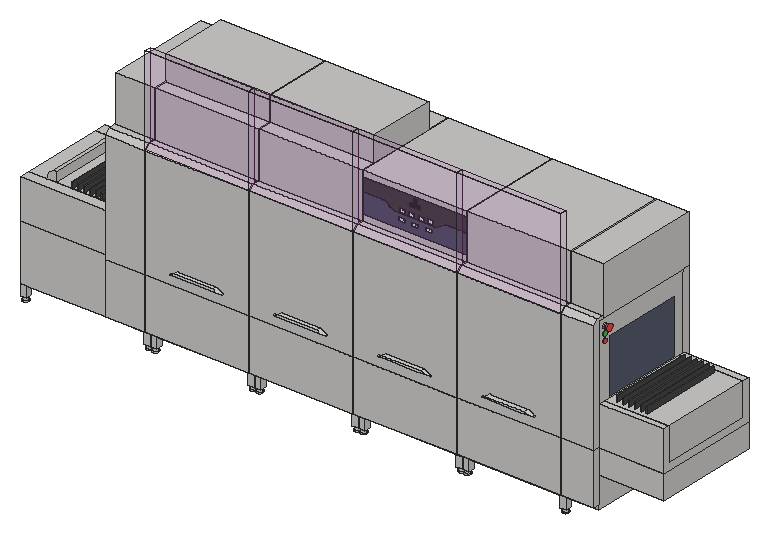
Revit family "QF_ELECTROLUXPROFESSIONAL_520048_EFTD064EL2U1D1M5ER386", category Attrezzature speciali, Revit 2020
Family settings
  Quota connettore circolare = Usa diametro
  Tipo di parte = Normale
  Basato su piano di lavoro = No
  Sempre verticale = Sì
  Taglio con vuoti quando caricato = No
  Condiviso = No
  Punto di calcolo locali = No
Parameters (values of type "Standard")
  Weight = 1158.00 kg
  Watts = 44700 W
  Volts = 380 V
  URL Manufacturer = "https://www.electroluxprofessional.com/"
  URL = "https://www.electroluxprofessional.com/"
  Steam Supply Size = 0 mm
  Steam Supply Minimum Pressure = 0.0 Pa
  Steam Supply Maximum Pressure = 0.0 Pa
  Steam Consumption per Hour = 0
  Show Logo [instance] = yes
  Show Clearance [instance] = yes
  Refrigeration Suction Line Size = 0 mm
  Refrigeration Liquid Line Size = 0 mm
  Refrigerant Compressor Remote = yes
  Prospetto di default = 0 mm
  Produttore = "Electrolux Professional"
  Phase = 3
  Modello = "EFTD064EL2U1D1M5ER386"
  Length Actual = 5150 mm  # constant formula
  Item Number = "520048"
  Hot Water Size = 0 mm
  Height Actual = 1983 mm  # constant formula
  HP = "59.9 HP"
  Gas Size = 0 mm
  Gas KW = 0
  Gas Input Pressure = 0 W
  Direct Waste Size = 50.8 mm
  Descrizione = "FT, 2TANKS, 6400D/H, EL., 950MM LOADING, 1000MM UNLOADING, 1DRYER, 55MM CONVEYOR,ESD,R>L,380V60HZ3P"
  Depth Actual = 946 mm  # constant formula
  Cycle = 60 Hz
  Condensate Return Size = 0 mm
  Compressed Air Volume = 0.0 L/s
  Compressed Air Size = 0 mm
  Compressed Air Pressure = 0.0 Pa
  Cold Water Size = 0 mm
  Accessory = yes
Reference planes
  plane 1 "Centro (Fronte/Retro)": y = 0
  plane 2: z = 0
  plane 3 "Centro (Sinistra/Destra)": x = 0
  plane 4: z = 115
Forms (mm)
  Extrusion 1, solid, material "QF_Finishes_Stainless Steel"
    sketch origin (2282.404, 2, 1806.023) x (1, 0, 0) y (0, 0, 1)
      loop
        line (407.596, -163.023) -> (407.596, -183.023) -> (427.596, -183.023) -> (427.596, -163.023) -> (407.596, -163.023)
    from 0 to 2
  Extrusion 2, solid, material "QF_Finishes_Stainless Steel"
    sketch origin (-5.617, 22.464, 1290.159) x (0, 0, -1) y (0, 1, 0)
      loop
        circle (1102.159, -772.464) r 25
    from -9.383 to 5.617
  Extrusion 3, solid, material "QF_Finishes_Stainless Steel"
    sketch origin (2942.404, 2, 337.984) x (1, 0, 0) y (0, 0, 1)
      loop
        line (407.596, -163.023) -> (407.596, -183.023) -> (427.596, -183.023) -> (427.596, -163.023) -> (407.596, -163.023)
    from 0 to 2
  Extrusion 4, solid, material "QF_Finishes_Stainless Steel"
    sketch origin (347.841, 200.464, 109.383) x (1, 0, 0) y (0, 1, 0)
      loop
        circle (1102.159, -772.464) r 10
    from -9.383 to 5.617
Dimensions and locks
  plane 4 to level = 115 mm
  aligned and locked: level to plane 2
Nested families
  nested 1: "MODULO_CENTER_800_FAN" at (1383.563, -388.258, 0), Show Clearance <- "Show Clearance", type "MODULO_CENTER_800_FAN"
    with Show Logo yes, Show Clearance yes, R_L no, L_R yes
  nested 2: "MODULO_CENTER_800_FAN" at (2183.563, -388.258, 0), Show Clearance <- "Show Clearance", type "MODULO_CENTER_800_FAN"
    with Show Logo yes, Show Clearance yes, R_L no, L_R yes
  nested 3: "MODULO_CENTER_800" at (2983.563, -388.258, 0), Show Clearance <- "Show Clearance", type "MODULO_CENTER_800"
    with Show Logo yes, Show Clearance yes, R_L no, L_R yes
  nested 4: "MODULO_ENTRY_DISH_750" at (4591.437, -523.742, 0) x (-1, 0, 0) z (0, 0, 1), type "MODULO_ENTRY_DISH_750"
    with Show Logo yes, Show Clearance yes, R_L yes, L_R no
  nested 5: "MODULO_USCITA_DISH_1000" at (641.437, -523.742, 0) x (-1, 0, 0) z (0, 0, 1), type "MODULO_USCITA_DISH_1000"
    with Show Logo yes, Show Clearance yes, R_L no, L_R yes
  nested 6: "Piedino_Square_115H" at (23.5, -838.5, 0), type "Piedino_Square_115H"
  nested 7: "Piedino_Square_115H" at (23.5, -73.5, 0), type "Piedino_Square_115H"
  nested 8: "Piedino_Square_115H" at (976.5, -838.5, 0), type "Piedino_Square_115H"
  nested 9: "Piedino_Square_115H" at (976.5, -73.5, 0), type "Piedino_Square_115H"
  nested 10: "Piedino_Square_115H" at (1023.5, -838.5, 0), type "Piedino_Square_115H"
  nested 11: "Piedino_Square_115H" at (1023.5, -73.5, 0), type "Piedino_Square_115H"
  nested 12: "Piedino_Square_115H" at (1776.5, -838.5, 0), type "Piedino_Square_115H"
  nested 13: "Piedino_Square_115H" at (1776.5, -73.5, 0), type "Piedino_Square_115H"
  nested 14: "Piedino_Square_115H" at (1823.5, -838.5, 0) x (-1, 0, 0) z (0, 0, 1), type "Piedino_Square_115H"
  nested 15: "Piedino_Square_115H" at (1823.5, -73.5, 0) x (-1, 0, 0) z (0, 0, 1), type "Piedino_Square_115H"
  nested 16: "Piedino_Square_115H" at (2576.5, -838.5, 0) x (-1, 0, 0) z (0, 0, 1), type "Piedino_Square_115H"
  nested 17: "Piedino_Square_115H" at (2576.5, -73.5, 0) x (-1, 0, 0) z (0, 0, 1), type "Piedino_Square_115H"
  nested 18: "Piedino_Square_115H" at (2623.5, -838.5, 0), type "Piedino_Square_115H"
  nested 19: "Piedino_Square_115H" at (2623.5, -73.5, 0), type "Piedino_Square_115H"
  nested 20: "Piedino_Square_115H" at (3376.5, -838.5, 0), type "Piedino_Square_115H"
  nested 21: "Piedino_Square_115H" at (3376.5, -73.5, 0), type "Piedino_Square_115H"
  nested 22: "MANIGLIA_FLIGHT_400" at (3000, -912, 639.28) x (1, 0, 0) z (0, -1, 0), type "MANIGLIA_FLIGHT_400"
  nested 23: "MANIGLIA_FLIGHT_400" at (2200, -912, 639.28) x (1, 0, 0) z (0, -1, 0), type "MANIGLIA_FLIGHT_400"
  nested 24: "MANIGLIA_FLIGHT_400" at (1400, -912, 639.28) x (1, 0, 0) z (0, -1, 0), type "MANIGLIA_FLIGHT_400"
  nested 25: "MODULO_CENTER_800" at (3816.437, -388.258, 0) x (-1, 0, 0) z (0, 0, 1), Show Clearance <- "Show Clearance", type "MODULO_CENTER_800"
    with Show Logo yes, Show Clearance yes, R_L no, L_R yes
  nested 26: "Piedino_Square_115H" at (4176.5, -838.5, 0) x (-1, 0, 0) z (0, 0, 1), type "Piedino_Square_115H"
  nested 27: "Piedino_Square_115H" at (4176.5, -73.5, 0) x (-1, 0, 0) z (0, 0, 1), type "Piedino_Square_115H"
  nested 28: "Piedino_Square_115H" at (3423.5, -838.5, 0) x (-1, 0, 0) z (0, 0, 1), type "Piedino_Square_115H"
  nested 29: "Piedino_Square_115H" at (3423.5, -73.5, 0) x (-1, 0, 0) z (0, 0, 1), type "Piedino_Square_115H"
  nested 30: "MANIGLIA_FLIGHT_400" at (3800, -912, 639.28) x (-1, 0, 0) z (0, -1, 0), type "MANIGLIA_FLIGHT_400"
  nested 31: "Schermo_Flight_800" at (3000, -815, 1593.453) x (1, 0, 0) z (0, -1, 0), type "Schermo_Flight_800"
  nested 32: "ELX_LOGO_WORDS_WHITE" at (3000, -816.6, 1683.453) x (1, 0, 0) z (0, -1, 0), Show Logo <- "Show Logo", visible <- "Show Logo", type "ELX_LOGO_WORDS_WHITE"
    with Show Logo yes
  nested 33: "ELX_LOGO_MONO_SMALL_WHITE" at (2990.08, -816.6, 1669.453) x (-1, 0, 0) z (0, -1, 0), Show Logo <- "Show Logo", visible <- "Show Logo", type "ELX_LOGO_MONO_SMALL_WHITE"
    with Show Logo yes
Connectors
  electrical at (2700, 2, 1633)
    settings: on Extrusion 1, index 69, voltage 0 V, apparent load 0 VA, apparent load phase1 0 VA, apparent load phase2 0 VA, apparent load phase3 0 VA, power factor 1, load classification "Altro", number of poles 1, system type 30, power factor state 1, is connector primary yes, connector utility no, sub classification motor no, connector description "EI"
  piping at (-15, -750, 188), diameter 50
    settings: on Extrusion 2, index 70, connector inside diameter 609.6 mm, connector length 0 mm, flow factor 0, pipe flow 0.0 L/s, pressure drop 0.0 Pa, fitting loss kfactor 0, connector angle 0.00°, fixture units 0, engagement length 0 mm, angle of deflection 0.00°, flow configuration 0, flow direction 0, fitting loss method 0, system type 29, joint type 0, gender type 0, connector reference index -1, connector utility 0, adjustable connector no, is connector primary yes, connector description "D"
  electrical at (3360, 2, 164.961)
    settings: on Extrusion 3, index 71, voltage 0 V, apparent load 0 VA, apparent load phase1 0 VA, apparent load phase2 0 VA, apparent load phase3 0 VA, power factor 1, load classification "Altro", number of poles 1, system type 30, power factor state 1, is connector primary no, connector utility no, sub classification motor no, connector description "EQ"
  piping at (1450, -572, 100), diameter 19.1
    settings: on Extrusion 4, index 72, connector inside diameter 609.6 mm, connector length 0 mm, flow factor 0, pipe flow 0.0 L/s, pressure drop 0.0 Pa, fitting loss kfactor 0, connector angle 0.00°, fixture units 0, engagement length 0 mm, angle of deflection 0.00°, flow configuration 0, flow direction 0, fitting loss method 0, system type 29, joint type 0, gender type 0, connector reference index -1, connector utility 0, adjustable connector no, is connector primary no, connector description "HWI/CWI"
Definition of nested family "MODULO_CENTER_800_FAN"
  Parameters (values of type "MODULO_CENTER_800_FAN")
    URL = "http://professional.electrolux.com"
    Show Logo [instance] = yes
    R_L [instance] = not(L_R)  # no
    Default Elevation = 0 mm
    Manufacturer = "Electrolux"
    Model = "ESR10E5"
    Length Actual = 800 mm
    Show Clearance [instance] = yes
    L_R [instance] = yes
    Height Actual = 1792 mm
    Description = "SINGLE RINSE RT, 100R/H, ELECTRIC 50HZ"
    Depth Actual = 912 mm
  Reference planes
    plane 1 "Center X": y = -67.742
    plane 2: z = 0
    plane 3 "LEFT": x = -383.563
    plane 4 "RIGHT": x = 416.437
    plane 5 "BACK": y = 388.258
    plane 6 "FEET": z = 115
    plane 7: z = 2092
    plane 8 "TOP": z = 1792
    plane 9 "FRONT": y = -523.742
    plane 10 "Left/Right": x = 16.437
    plane 11 "TopVent": z = 1983
  Forms (mm)
    Extrusion 1, solid
      sketch origin (416.437, 479.936, 4000) x (0, 1, 0) y (0, 0, 1)
        loop
          line (-91.678, -2208) -> (-906.678, -2208) -> (-906.678, -2580) -> (-91.678, -2580) -> (-91.678, -2208)
      from -800 to 0
    Extrusion 2, solid
      sketch origin (-383.563, 437.565, 3910) x (0, 1, 0) y (0, 0, 1)
        loop
          line (-99.307, -2490) -> (-911.307, -2490) -> (-911.307, -3552) -> (-99.307, -3552) -> (-99.307, -2490)
      from 800 to 0
    Extrusion 3, solid
      sketch origin (416.437, 479.936, 4299) x (0, 1, 0) y (0, 0, 1)
        loop
          line (-278.21, -2316) -> (-803.678, -2316) -> (-803.678, -2507) -> (-278.21, -2507) -> (-278.21, -2316)
      from -800 to 0
    Extrusion 4, solid
      sketch origin (16.437, 0, 1.5) x (0, 0, 1) y (0, -1, 0)
        loop
          line (356.5, -338.258) -> (356.5, 473.742) -> (113.5, 473.742) -> (113.5, -338.258) -> (356.5, -338.258)
      from 400 to -400
    Extrusion 5, solid
      sketch origin (16.437, 0, 0) x (0, 0, 1) y (0, -1, 0)
        loop
          line (1420, -338.258) -> (545, -338.258) -> (545, -388.258) -> (1420, -388.258) -> (1420, -338.258)
      from -400 to 400
    Extrusion 6, solid
      sketch origin (16.437, 0, 0) x (0, 0, 1) y (0, -1, 0)
        loop
          line (545, -388.258) -> (545, -338.258) -> (154, -338.258) -> (154, -388.258) -> (545, -388.258)
      from -400 to 400
    Extrusion 7, solid
      sketch origin (16.437, -882.484, -150) x (0, -1, 0) y (0, 0, 1)
        loop
          line (-358.742, 304) -> (-358.742, 695) -> (-408.742, 695) -> (-408.742, 304) -> (-358.742, 304)
      from -400 to 400
    Extrusion 8, solid
      sketch origin (16.437, -882.484, -151) x (0, -1, 0) y (0, 0, 1)
        loop
          line (-408.742, 1571) -> (-408.742, 696) -> (-358.742, 696) -> (-358.742, 1556) -> (-395.742, 1593) -> (-443.742, 1593) -> (-443.742, 1571) -> (-408.742, 1571)
      from -400 to 400
    Extrusion 9, solid, visible <- "Show Clearance"
      sketch origin (16.437, -882.484, 452) x (0, -1, 0) y (0, 0, 1)
        loop
          line (-408.742, 1640) -> (-408.742, 953.624) -> (-358.742, 953.624) -> (-358.742, 1640) -> (-408.742, 1640)
      from -400 to 400
  Dimensions and locks
    plane 3 "LEFT" to plane 4 "RIGHT" = 800 mm
    plane 5 "BACK" to plane 1 "Center X" to plane 9 "FRONT" = 456 mm, 456 mm
    plane 6 "FEET" to level = 115 mm  (x2)
    plane 6 "FEET" to plane 8 "TOP" = 1677 mm
    plane 5 "BACK" to plane 9 "FRONT" = 912 mm  (x2)
    plane 4 "RIGHT" to plane 3 "LEFT" = 800 mm
    plane 9 "FRONT" to plane 5 "BACK" = 912 mm
    level to plane 8 "TOP" = 1792 mm  (x2)
    plane 7 to level = 2092 mm
    plane 11 "TopVent" to plane 2 = 1983 mm
    plane 7 to plane 2 = 2092 mm
    Extrusion 2 to level = 1420 mm
    Extrusion 8 to level = 1442 mm
    plane 11 "TopVent" to level = 1983 mm
    aligned and locked: level to plane 2
Definition of nested family "MODULO_CENTER_800"
  Parameters (values of type "MODULO_CENTER_800")
    URL = "http://professional.electrolux.com"
    Show Logo [instance] = yes
    R_L [instance] = not(L_R)  # no
    Default Elevation = 0 mm
    Manufacturer = "Electrolux"
    Model = "ESR10E5"
    Length Actual = 800 mm
    Show Clearance [instance] = yes
    L_R [instance] = yes
    Height Actual = 1792 mm
    Description = "SINGLE RINSE RT, 100R/H, ELECTRIC 50HZ"
    Depth Actual = 912 mm
  Reference planes
    plane 1 "Center X": y = -67.742
    plane 2: z = 0
    plane 3 "LEFT": x = -383.563
    plane 4 "RIGHT": x = 416.437
    plane 5 "BACK": y = 388.258
    plane 6 "FEET": z = 115
    plane 7: z = 2092
    plane 8 "TOP": z = 1792
    plane 9 "FRONT": y = -523.742
    plane 10 "Left/Right": x = 16.437
  Forms (mm)
    Extrusion 1, solid
      sketch origin (416.437, 479.936, 4000) x (0, 1, 0) y (0, 0, 1)
        loop
          line (-91.678, -2208) -> (-906.678, -2208) -> (-906.678, -2580) -> (-91.678, -2580) -> (-91.678, -2208)
      from -800 to 0
    Extrusion 2, solid
      sketch origin (-383.563, 437.565, 3915) x (0, 1, 0) y (0, 0, 1)
        loop
          line (-99.307, -2495) -> (-911.307, -2495) -> (-911.307, -3557) -> (-99.307, -3557) -> (-99.307, -2495)
      from 800 to 0
    Extrusion 3, solid
      sketch origin (16.437, 0, 1.5) x (0, 0, 1) y (0, -1, 0)
        loop
          line (356.5, -338.258) -> (356.5, 473.742) -> (113.5, 473.742) -> (113.5, -338.258) -> (356.5, -338.258)
      from 400 to -400
    Extrusion 4, solid
      sketch origin (16.437, 0, 0) x (0, 0, 1) y (0, -1, 0)
        loop
          line (1420, -338.258) -> (545, -338.258) -> (545, -388.258) -> (1420, -388.258) -> (1420, -338.258)
      from -400 to 400
    Extrusion 5, solid
      sketch origin (16.437, 0, 0) x (0, 0, 1) y (0, -1, 0)
        loop
          line (545, -388.258) -> (545, -338.258) -> (154, -338.258) -> (154, -388.258) -> (545, -388.258)
      from -400 to 400
    Extrusion 6, solid
      sketch origin (16.437, -882.484, -150) x (0, -1, 0) y (0, 0, 1)
        loop
          line (-358.742, 304) -> (-358.742, 695) -> (-408.742, 695) -> (-408.742, 304) -> (-358.742, 304)
      from -400 to 400
    Extrusion 7, solid
      sketch origin (16.437, -882.484, -151) x (0, -1, 0) y (0, 0, 1)
        loop
          line (-408.742, 1571) -> (-408.742, 696) -> (-358.742, 696) -> (-358.742, 1556) -> (-395.742, 1593) -> (-443.742, 1593) -> (-443.742, 1571) -> (-408.742, 1571)
      from -400 to 400
    Extrusion 8, solid, visible <- "Show Clearance"
      sketch origin (16.437, -882.484, 452) x (0, -1, 0) y (0, 0, 1)
        loop
          line (-408.742, 1640) -> (-408.742, 953.624) -> (-358.742, 953.624) -> (-358.742, 1640) -> (-408.742, 1640)
      from -400 to 400
  Dimensions and locks
    plane 3 "LEFT" to plane 4 "RIGHT" = 800 mm
    plane 5 "BACK" to plane 1 "Center X" to plane 9 "FRONT" = 456 mm, 456 mm
    plane 6 "FEET" to level = 115 mm  (x2)
    plane 6 "FEET" to plane 8 "TOP" = 1677 mm
    plane 5 "BACK" to plane 9 "FRONT" = 912 mm  (x2)
    plane 4 "RIGHT" to plane 3 "LEFT" = 800 mm
    plane 9 "FRONT" to plane 5 "BACK" = 912 mm
    level to plane 8 "TOP" = 1792 mm  (x2)
    plane 7 to level = 2092 mm
    plane 7 to plane 2 = 2092 mm
    Extrusion 2 to level = 1420 mm
    Extrusion 7 to level = 1442 mm
    aligned and locked: level to plane 2
Definition of nested family "MODULO_ENTRY_DISH_750"
  Parameters (values of type "MODULO_ENTRY_DISH_750")
    URL = "http://professional.electrolux.com"
    Show Logo [instance] = yes
    R_L [instance] = not(L_R)  # no
    Default Elevation = 0 mm
    Manufacturer = "Electrolux"
    Model = "ESR10E5"
    Length Actual = 800 mm
    Show Clearance [instance] = yes
    L_R [instance] = yes
    Height Actual = 1792 mm
    Description = "SINGLE RINSE RT, 100R/H, ELECTRIC 50HZ"
    Depth Actual = 912 mm
  Reference planes
    plane 1 "Center (Front/Back)": y = -67.742
    plane 2: z = 0
    plane 3 "LEFT": x = -358.563
    plane 4 "RIGHT": x = 391.437
    plane 5 "BACK": y = 388.258
    plane 6 "FRONT": y = -523.742
    plane 7 "Left/Right": x = 16.437
    plane 8 "BUTTONS": y = -427.742
    plane 9: z = 115
    plane 10 "2": y = 292.258
  Forms (mm)
    Extrusion 1, solid, visible <- "L_R"
      sketch origin (391.437, 479.936, 4000) x (0, 1, 0) y (0, 0, 1)
        loop
          line (-91.678, -2208) -> (-906.678, -2208) -> (-906.678, -2580) -> (-91.678, -2580) -> (-91.678, -2208)
      from -250 to 0
    Extrusion 2, solid
      sketch origin (-358.563, 437.565, 3910) x (0, 1, 0) y (0, 0, 1)
        loop
          line (-99.307, -2490) -> (-911.307, -2490) -> (-911.307, -3552) -> (-99.307, -3552) -> (-99.307, -2490)
      from 750 to 500
    Extrusion 3, solid
      sketch origin (-358.563, 437.565, 3910) x (0, 1, 0) y (0, 0, 1)
        loop
          line (-99.307, -3365) -> (-99.307, -3060) -> (-149.307, -3060) -> (-149.307, -3315) -> (-861.307, -3315) -> (-861.307, -3060) -> (-911.307, -3060) -> (-911.307, -3365) -> (-99.307, -3365)
      from 500 to 0
    Extrusion 4, solid
      sketch origin (16.437, 0, -4.987) x (0, 0, 1) y (0, -1, 0)
        loop
          line (362.987, -338.258) -> (362.987, 473.742) -> (119.987, 473.742) -> (119.987, -338.258) -> (362.987, -338.258)
      from 375 to 125
    Extrusion 5, solid, visible <- "L_R"
      sketch origin (16.437, 0, 0) x (0, 0, 1) y (0, -1, 0)
        loop
          line (1420, -338.258) -> (545, -338.258) -> (545, -388.258) -> (1420, -388.258) -> (1420, -338.258)
      from 125 to 375
    Extrusion 6, solid
      sketch origin (16.437, 0, 0) x (0, 0, 1) y (0, -1, 0)
        loop
          line (545, -388.258) -> (545, -338.258) -> (154, -338.258) -> (154, -388.258) -> (545, -388.258)
      from 125 to 375
    Extrusion 7, solid
      sketch origin (-358.563, 437.565, 3607.258) x (0, 1, 0) y (0, 0, 1)
        loop
          line (-99.307, -3249.258) -> (-99.307, -3062.258) -> (-911.307, -3062.258) -> (-911.307, -3249.258) -> (-99.307, -3249.258)
      from 500 to 0
    Extrusion 8, solid
      sketch origin (-358.563, 437.565, 4000) x (0, 1, 0) y (0, 0, 1)
        loop
          line (-149.307, -3150) -> (-861.307, -3150) -> (-861.307, -3405) -> (-149.307, -3405) -> (-149.307, -3150)
      from 0 to 500
    Extrusion 9, solid
      sketch origin (266.437, -882.484, -150) x (0, -1, 0) y (0, 0, 1)
        loop
          line (-358.742, 304) -> (-358.742, 695) -> (-408.742, 695) -> (-408.742, 304) -> (-358.742, 304)
      from -125 to 125
    Extrusion 10, solid, visible <- "L_R"
      sketch origin (266.437, -882.484, -151) x (0, -1, 0) y (0, 0, 1)
        loop
          line (-408.742, 1571) -> (-408.742, 696) -> (-358.742, 696) -> (-358.742, 1556) -> (-395.742, 1593) -> (-443.742, 1593) -> (-443.742, 1571) -> (-408.742, 1571)
      from -125 to 125
    Extrusion 11, solid
      sketch origin (-358.563, 437.565, 4000) x (0, 1, 0) y (0, 0, 1)
        loop
          line (-199.307, -2725.701) -> (-811.307, -2725.701) -> (-811.307, -3137.701) -> (-199.307, -3137.701) -> (-199.307, -2725.701)
      from 495.458 to 500
    Extrusion 12, solid, visible <- "R_L"
      sketch origin (266.437, 747, -151) x (0, 1, 0) y (0, 0, -1)
        loop
          line (-408.742, -1571) -> (-443.742, -1571) -> (-443.742, -1593) -> (-395.742, -1593) -> (-358.742, -1556) -> (-358.742, -696) -> (-408.742, -696) -> (-408.742, -1571)
      from -125 to 125
    Extrusion 13, solid, visible <- "R_L"
      sketch origin (16.437, -135.484, 0) x (0, 0, 1) y (0, -1, 0)
        loop
          line (1420, 338.258) -> (1420, 388.258) -> (545, 388.258) -> (545, 338.258) -> (1420, 338.258)
      from 125 to 375
    Extrusion 14, solid, visible <- "R_L"
      sketch origin (391.437, -615.42, 4000) x (0, -1, 0) y (0, 0, -1)
        loop
          line (-91.678, 2208) -> (-91.678, 2580) -> (-906.678, 2580) -> (-906.678, 2208) -> (-91.678, 2208)
      from -250 to 0
    Extrusion 15, solid
      sketch origin (-191.477, -192.742, -3) x (-1, 0, 0) y (0, 0, 1)
        loop
          line (-26.676, 853) -> (-26.676, 898) -> (-36.676, 898) -> (-36.676, 853) -> (-26.676, 853)
      from -196 to 446
    Extrusion 16, solid
      sketch origin (-146.477, -192.742, -3) x (-1, 0, 0) y (0, 0, 1)
        loop
          line (-26.676, 853) -> (-26.676, 898) -> (-36.676, 898) -> (-36.676, 853) -> (-26.676, 853)
      from -196 to 446
    Extrusion 17, solid
      sketch origin (-101.477, -192.742, -3) x (-1, 0, 0) y (0, 0, 1)
        loop
          line (-26.676, 853) -> (-26.676, 898) -> (-36.676, 898) -> (-36.676, 853) -> (-26.676, 853)
      from -196 to 446
    Extrusion 18, solid
      sketch origin (-56.477, -192.742, -3) x (-1, 0, 0) y (0, 0, 1)
        loop
          line (-26.676, 853) -> (-26.676, 898) -> (-36.676, 898) -> (-36.676, 853) -> (-26.676, 853)
      from -196 to 446
    Extrusion 19, solid
      sketch origin (-11.477, -192.742, -3) x (-1, 0, 0) y (0, 0, 1)
        loop
          line (-26.676, 853) -> (-26.676, 898) -> (-36.676, 898) -> (-36.676, 853) -> (-26.676, 853)
      from -196 to 446
    Extrusion 20, solid
      sketch origin (33.523, -192.742, -3) x (-1, 0, 0) y (0, 0, 1)
        loop
          line (-26.676, 853) -> (-26.676, 898) -> (-36.676, 898) -> (-36.676, 853) -> (-26.676, 853)
      from -196 to 446
  Dimensions and locks
    plane 3 "LEFT" to plane 4 "RIGHT" = 750 mm
    plane 5 "BACK" to plane 1 "Center (Front/Back)" to plane 6 "FRONT" = 456 mm, 456 mm
    plane 5 "BACK" to plane 6 "FRONT" = 912 mm  (x2)
    plane 4 "RIGHT" to plane 3 "LEFT" = 750 mm  (x2)
    plane 6 "FRONT" to plane 5 "BACK" = 912 mm
    plane 9 to level = 115 mm
    Extrusion 1 to level = 1792 mm
    Extrusion 3 to level = 850 mm
    aligned and locked: level to plane 2
  Nested families
    nested 1: "BOTTONE_RED_STOP" at (141.437, -427.742, 1266.906) x (0, -1, 0) z (-1, 0, 0), visible <- "L_R", type "BOTTONE_RED_STOP"
    nested 2: "BOTTONE_EMERGENCY_STOP" at (141.437, -427.742, 1370) x (0, -1, 0) z (-1, 0, 0), visible <- "L_R", type "BOTTONE_EMERGENCY_STOP"
    nested 3: "BOTTONE_GREEN_START" at (141.437, -427.742, 1316.906) x (0, -1, 0) z (-1, 0, 0), visible <- "L_R", type "BOTTONE_GREEN_START"
    nested 4: "BOTTONE_RED_STOP" at (141.437, 292.258, 1267.906) x (0, 1, 0) z (-1, 0, 0), visible <- "R_L", type "BOTTONE_RED_STOP"
    nested 5: "BOTTONE_EMERGENCY_STOP" at (141.437, 292.258, 1371) x (0, 1, 0) z (-1, 0, 0), visible <- "R_L", type "BOTTONE_EMERGENCY_STOP"
    nested 6: "BOTTONE_GREEN_START" at (141.437, 292.258, 1317.906) x (0, 1, 0) z (-1, 0, 0), visible <- "R_L", type "BOTTONE_GREEN_START"
  Definition of nested family "BOTTONE_RED_STOP"
    Parameters (values of type "BOTTONE_RED_STOP")
      Default Elevation = 1219.2 mm
    Reference planes
      plane 1 "Centro (Fronte/Retro)": y = 0
      plane 2: z = 0
      plane 3 "Centro (Sinistra/Destra)": x = 0
    Forms (mm)
      Extrusion 1, solid
        sketch origin (0, 0, 0) x (1, 0, 0) y (0, 1, 0)
          loop
            line (-1219.2, 1219.2) -> (-1219.2, -1219.2) -> (1219.2, -1219.2) -> (1219.2, 1219.2) -> (-1219.2, 1219.2)
        from 0 to -304.8
      Extrusion 2, solid
        sketch origin (-367.513, 69.533, 15) x (-1, 0, 0) y (0, 1, 0)
          loop
            circle (-367.513, -69.533) r 15
        from 0 to 15
    Dimensions and locks
      aligned and locked: plane 2 to Extrusion 1
      aligned and locked: level to Extrusion 1
  Definition of nested family "BOTTONE_EMERGENCY_STOP"
    Parameters
      Default Elevation = 1219.2 mm
    Reference planes
      plane 1 "Centro (Fronte/Retro)": y = 0
      plane 2: z = 0
      plane 3 "Centro (Sinistra/Destra)": x = 0
    Forms (mm)
      Extrusion 1, solid
        sketch origin (0, 0, 0) x (1, 0, 0) y (0, 1, 0)
          loop
            line (-1219.2, 1219.2) -> (-1219.2, -1219.2) -> (1219.2, -1219.2) -> (1219.2, 1219.2) -> (-1219.2, 1219.2)
        from 0 to -304.8
      Extrusion 2, solid
        sketch origin (0, 0, 0) x (1, 0, 0) y (0, 1, 0)
          loop
            circle (0, 0) r 15
        from 0 to 20.273
      Blend 3, solid
        base sketch origin (-49.801, 0, 0) x (1, 0, 0) y (0, 1, 0)
          loop
            circle (49.801, 0) r 15
        top sketch origin (-49.801, 0, 0) x (1, 0, 0) y (0, 1, 0)
          loop
            circle (49.801, 0) r 25
        from 20.273 to 47.605
    Dimensions and locks
      aligned and locked: plane 2 to Extrusion 1
      aligned and locked: level to Extrusion 1
  Definition of nested family "BOTTONE_GREEN_START"
    Parameters (values of type "BOTTONE_GREEN_START")
      Default Elevation = 1219.2 mm
    Reference planes
      plane 1 "Centro (Fronte/Retro)": y = 0
      plane 2: z = 0
      plane 3 "Centro (Sinistra/Destra)": x = 0
    Forms (mm)
      Extrusion 1, solid
        sketch origin (0, 0, 0) x (1, 0, 0) y (0, 1, 0)
          loop
            line (-1219.2, 1219.2) -> (-1219.2, -1219.2) -> (1219.2, -1219.2) -> (1219.2, 1219.2) -> (-1219.2, 1219.2)
        from 0 to -304.8
      Extrusion 2, solid
        sketch origin (-367.513, 69.533, 15) x (-1, 0, 0) y (0, 1, 0)
          loop
            circle (-367.513, -69.533) r 15
        from 0 to 15
    Dimensions and locks
      aligned and locked: plane 2 to Extrusion 1
      aligned and locked: level to Extrusion 1
Definition of nested family "MODULO_USCITA_DISH_1000"
  Parameters (values of type "MODULO_USCITA_DISH_1000")
    URL = "http://professional.electrolux.com"
    Show Logo [instance] = yes
    R_L [instance] = not(L_R)  # yes
    Default Elevation = 0 mm
    Manufacturer = "Electrolux"
    Model = "ESR10E5"
    Length Actual = 800 mm
    Show Clearance [instance] = yes
    L_R [instance] = no
    Height Actual = 1792 mm
    Description = "SINGLE RINSE RT, 100R/H, ELECTRIC 50HZ"
    Depth Actual = 912 mm
  Reference planes
    plane 1 "Center (Front/Back)": y = -67.742
    plane 2: z = 0
    plane 3 "LEFT": x = -358.563
    plane 4 "BACK": y = 388.258
    plane 5 "FEET": z = 115
    plane 6 "TOP": z = 1792
    plane 7 "FRONT": y = -523.742
    plane 8 "Left/Right": x = 16.437
    plane 9: x = -358.563
    plane 10: y = -427.742
    plane 11 "RIGHT": x = 641.437
  Forms (mm)
    Extrusion 1, solid, visible <- "R_L"
      sketch origin (-358.563, 479.936, 4003) x (0, 1, 0) y (0, 0, -1)
        loop
          line (-91.678, 2211) -> (-91.678, 2583) -> (-906.678, 2583) -> (-906.678, 2211) -> (-91.678, 2211)
      from -300 to 0
    Extrusion 2, solid
      sketch origin (-358.563, 437.565, 4003) x (0, 1, 0) y (0, 0, 1)
        loop
          line (-99.307, -3458) -> (-911.307, -3458) -> (-911.307, -3888) -> (-99.307, -3888) -> (-99.307, -3458)
      from 300 to 0
    Extrusion 3, solid
      sketch origin (-358.563, 479.936, 4003) x (0, 1, 0) y (0, 0, -1)
        loop
          line (-141.678, 2583) -> (-141.678, 3458) -> (-953.678, 3458) -> (-953.678, 2583) -> (-141.678, 2583)
      from -300 to 0
    Extrusion 4, solid
      sketch origin (391.437, 437.565, 3913) x (0, 1, 0) y (0, 0, -1)
        loop
          line (-99.307, 3368) -> (-911.307, 3368) -> (-911.307, 3063) -> (-826.307, 3063) -> (-826.307, 3318) -> (-184.307, 3318) -> (-184.307, 3063) -> (-99.307, 3063) -> (-99.307, 3368)
      from 450 to -250
    Extrusion 5, solid, visible <- "R_L"
      sketch origin (16.437, 0, 3) x (0, 0, 1) y (0, 1, 0)
        loop
          line (1417, 338.258) -> (1417, 388.258) -> (542, 388.258) -> (542, 338.258) -> (1417, 338.258)
      from 75 to 375
    Extrusion 6, solid
      sketch origin (16.437, 0, 3) x (0, 0, 1) y (0, 1, 0)
        loop
          line (542, 388.258) -> (151, 388.258) -> (151, 338.258) -> (542, 338.258) -> (542, 388.258)
      from 75 to 375
    Extrusion 7, solid
      sketch origin (391.437, 437.565, 3610.258) x (0, 1, 0) y (0, 0, -1)
        loop
          line (-99.307, 3495.258) -> (-911.307, 3495.258) -> (-911.307, 3065.258) -> (-99.307, 3065.258) -> (-99.307, 3495.258)
      from 450 to -250
    Extrusion 8, solid
      sketch origin (641.437, 0, 3) x (0, 1, 0) y (0, 0, 1)
        loop
          line (253.258, 847) -> (-388.742, 847) -> (-388.742, 592) -> (253.258, 592) -> (253.258, 847)
      from 0 to -700
    Extrusion 9, solid
      sketch origin (-358.563, 437.565, 3928) x (0, 1, 0) y (0, 0, 1)
        loop
          line (-811.307, -3065.701) -> (-199.307, -3065.701) -> (-199.307, -2653.701) -> (-811.307, -2653.701) -> (-811.307, -3065.701)
      from 300 to 304.77
    Extrusion 10, solid
      sketch origin (-208.563, -115, -147) x (0, 1, 0) y (0, 0, 1)
        loop
          line (-358.742, 301) -> (-358.742, 692) -> (-408.742, 692) -> (-408.742, 301) -> (-358.742, 301)
      from -150 to 150
    Extrusion 11, solid, visible <- "R_L"
      sketch origin (-208.563, -882.484, -151) x (0, -1, 0) y (0, 0, 1)
        loop
          line (-408.742, 1571) -> (-408.742, 696) -> (-358.742, 696) -> (-358.742, 1556) -> (-395.742, 1593) -> (-443.742, 1593) -> (-443.742, 1571) -> (-408.742, 1571)
      from -150 to 150
    Extrusion 12, solid
      sketch origin (-39.574, -192.742, -3) x (-1, 0, 0) y (0, 0, 1)
        loop
          line (-26.676, 853) -> (-26.676, 898) -> (-36.676, 898) -> (-36.676, 853) -> (-26.676, 853)
      from -196 to 446
    Extrusion 13, solid
      sketch origin (5.426, -192.742, -3) x (-1, 0, 0) y (0, 0, 1)
        loop
          line (-26.676, 853) -> (-26.676, 898) -> (-36.676, 898) -> (-36.676, 853) -> (-26.676, 853)
      from -196 to 446
    Extrusion 14, solid
      sketch origin (50.426, -192.742, -3) x (-1, 0, 0) y (0, 0, 1)
        loop
          line (-26.676, 853) -> (-26.676, 898) -> (-36.676, 898) -> (-36.676, 853) -> (-26.676, 853)
      from -196 to 446
    Extrusion 15, solid
      sketch origin (95.426, -192.742, -3) x (-1, 0, 0) y (0, 0, 1)
        loop
          line (-26.676, 853) -> (-26.676, 898) -> (-36.676, 898) -> (-36.676, 853) -> (-26.676, 853)
      from -196 to 446
    Extrusion 16, solid
      sketch origin (140.426, -192.742, -3) x (-1, 0, 0) y (0, 0, 1)
        loop
          line (-26.676, 853) -> (-26.676, 898) -> (-36.676, 898) -> (-36.676, 853) -> (-26.676, 853)
      from -196 to 446
    Extrusion 17, solid
      sketch origin (185.426, -192.742, -3) x (-1, 0, 0) y (0, 0, 1)
        loop
          line (-26.676, 853) -> (-26.676, 898) -> (-36.676, 898) -> (-36.676, 853) -> (-26.676, 853)
      from -196 to 446
    Extrusion 18, solid
      sketch origin (230.426, -192.742, -3) x (-1, 0, 0) y (0, 0, 1)
        loop
          line (-26.676, 853) -> (-26.676, 898) -> (-36.676, 898) -> (-36.676, 853) -> (-26.676, 853)
      from -196 to 446
    Extrusion 19, solid
      sketch origin (275.426, -192.742, -3) x (-1, 0, 0) y (0, 0, 1)
        loop
          line (-26.676, 853) -> (-26.676, 898) -> (-36.676, 898) -> (-36.676, 853) -> (-26.676, 853)
      from -196 to 446
    Revolve 20, solid
      sketch origin (0, 0, 850) x (1, 0, 0) y (0, 1, 0)
        loop
          line (430.204, 253.258) -> (430.204, -388.742) -> (502.335, -388.742) -> (502.335, 253.258) -> (430.204, 253.258)
        axis (430.204, 253.258) -> (430.204, -388.742)
      angle from 0 to -90
    Extrusion 21, solid, visible <- "L_R"
      sketch origin (-208.563, 747, -151) x (0, 1, 0) y (0, 0, -1)
        loop
          line (-408.742, -1571) -> (-443.742, -1571) -> (-443.742, -1593) -> (-395.742, -1593) -> (-358.742, -1556) -> (-358.742, -696) -> (-408.742, -696) -> (-408.742, -1571)
      from -150 to 150
    Extrusion 22, solid, visible <- "L_R"
      sketch origin (16.437, -135.484, 3) x (0, 0, 1) y (0, 1, 0)
        loop
          line (1417, -338.258) -> (542, -338.258) -> (542, -388.258) -> (1417, -388.258) -> (1417, -338.258)
      from 75 to 375
    Extrusion 23, solid, visible <- "L_R"
      sketch origin (-358.563, -615.42, 4003) x (0, -1, 0) y (0, 0, 1)
        loop
          line (-91.678, -2211) -> (-906.678, -2211) -> (-906.678, -2583) -> (-91.678, -2583) -> (-91.678, -2211)
      from -300 to 0
  Dimensions and locks
    plane 4 "BACK" to plane 1 "Center (Front/Back)" to plane 7 "FRONT" = 456 mm, 456 mm
    plane 5 "FEET" to level = 115 mm  (x2)
    plane 4 "BACK" to plane 7 "FRONT" = 912 mm  (x2)
    plane 7 "FRONT" to plane 4 "BACK" = 912 mm
    level to plane 6 "TOP" = 1792 mm
    plane 3 "LEFT" to plane 8 "Left/Right" = 375 mm
    plane 8 "Left/Right" to plane 11 "RIGHT" = 625 mm
    plane 3 "LEFT" to plane 11 "RIGHT" = 1000 mm
    plane 9 to plane 11 "RIGHT" = 1000 mm
    plane 6 "TOP" to level = 1792 mm
    aligned and locked: level to plane 2
  Nested families
    nested 1: "BOTTONE_EMERGENCY_STOP" at (-58.563, -427.742, 1369) x (0, -1, 0) z (1, 0, 0), visible <- "R_L", type "BOTTONE_EMERGENCY_STOP"
    nested 2: "BOTTONE_GREEN_START" at (-58.563, -427.742, 1315.906) x (0, -1, 0) z (1, 0, 0), visible <- "R_L", type "BOTTONE_GREEN_START"
    nested 3: "BOTTONE_RED_STOP" at (-58.563, -427.742, 1265.906) x (0, -1, 0) z (1, 0, 0), visible <- "R_L", type "BOTTONE_RED_STOP"
    nested 4: "BOTTONE_EMERGENCY_STOP" at (-58.563, 292.258, 1369) x (0, 1, 0) z (1, 0, 0), visible <- "L_R", type "BOTTONE_EMERGENCY_STOP"
    nested 5: "BOTTONE_GREEN_START" at (-58.563, 292.258, 1315.906) x (0, 1, 0) z (1, 0, 0), visible <- "L_R", type "BOTTONE_GREEN_START"
    nested 6: "BOTTONE_RED_STOP" at (-58.563, 292.258, 1265.906) x (0, 1, 0) z (1, 0, 0), visible <- "L_R", type "BOTTONE_RED_STOP"
  Definition of nested family "BOTTONE_EMERGENCY_STOP"
    Parameters
      Default Elevation = 1219.2 mm
    Reference planes
      plane 1 "Centro (Fronte/Retro)": y = 0
      plane 2: z = 0
      plane 3 "Centro (Sinistra/Destra)": x = 0
    Forms (mm)
      Extrusion 1, solid
        sketch origin (0, 0, 0) x (1, 0, 0) y (0, 1, 0)
          loop
            line (-1219.2, 1219.2) -> (-1219.2, -1219.2) -> (1219.2, -1219.2) -> (1219.2, 1219.2) -> (-1219.2, 1219.2)
        from 0 to -304.8
      Extrusion 2, solid
        sketch origin (0, 0, 0) x (1, 0, 0) y (0, 1, 0)
          loop
            circle (0, 0) r 15
        from 0 to 20.273
      Blend 3, solid
        base sketch origin (-49.801, 0, 0) x (1, 0, 0) y (0, 1, 0)
          loop
            circle (49.801, 0) r 15
        top sketch origin (-49.801, 0, 0) x (1, 0, 0) y (0, 1, 0)
          loop
            circle (49.801, 0) r 25
        from 20.273 to 47.605
    Dimensions and locks
      aligned and locked: plane 2 to Extrusion 1
      aligned and locked: level to Extrusion 1
  Definition of nested family "BOTTONE_GREEN_START"
    Parameters (values of type "BOTTONE_GREEN_START")
      Default Elevation = 1219.2 mm
    Reference planes
      plane 1 "Centro (Fronte/Retro)": y = 0
      plane 2: z = 0
      plane 3 "Centro (Sinistra/Destra)": x = 0
    Forms (mm)
      Extrusion 1, solid
        sketch origin (0, 0, 0) x (1, 0, 0) y (0, 1, 0)
          loop
            line (-1219.2, 1219.2) -> (-1219.2, -1219.2) -> (1219.2, -1219.2) -> (1219.2, 1219.2) -> (-1219.2, 1219.2)
        from 0 to -304.8
      Extrusion 2, solid
        sketch origin (-367.513, 69.533, 15) x (-1, 0, 0) y (0, 1, 0)
          loop
            circle (-367.513, -69.533) r 15
        from 0 to 15
    Dimensions and locks
      aligned and locked: plane 2 to Extrusion 1
      aligned and locked: level to Extrusion 1
  Definition of nested family "BOTTONE_RED_STOP"
    Parameters (values of type "BOTTONE_RED_STOP")
      Default Elevation = 1219.2 mm
    Reference planes
      plane 1 "Centro (Fronte/Retro)": y = 0
      plane 2: z = 0
      plane 3 "Centro (Sinistra/Destra)": x = 0
    Forms (mm)
      Extrusion 1, solid
        sketch origin (0, 0, 0) x (1, 0, 0) y (0, 1, 0)
          loop
            line (-1219.2, 1219.2) -> (-1219.2, -1219.2) -> (1219.2, -1219.2) -> (1219.2, 1219.2) -> (-1219.2, 1219.2)
        from 0 to -304.8
      Extrusion 2, solid
        sketch origin (-367.513, 69.533, 15) x (-1, 0, 0) y (0, 1, 0)
          loop
            circle (-367.513, -69.533) r 15
        from 0 to 15
    Dimensions and locks
      aligned and locked: plane 2 to Extrusion 1
      aligned and locked: level to Extrusion 1
Definition of nested family "Piedino_Square_115H"
  Parameters (values of type "Piedino_Square_115H")
    Default Elevation = 0 mm
  Reference planes
    plane 1 "Centro (Fronte/Retro)": y = 0
    plane 2: z = 0
    plane 3 "Centro (Sinistra/Destra)": x = 0
    plane 4: z = 115
  Forms (mm)
    Extrusion 1, solid
      sketch origin (0, 0, 0) x (1, 0, 0) y (0, 1, 0)
        loop
          circle (0, 0) r 23
      from 0 to 5
    Extrusion 2, solid
      sketch origin (0, 0, 5) x (1, 0, 0) y (0, 1, 0)
        loop
          circle (0, 0) r 20
      from 0 to 25.777
    Extrusion 3, solid
      sketch origin (0, 0, 30.777) x (1, 0, 0) y (0, 1, 0)
        loop
          line (-23.5, 23.5) -> (-23.5, -23.5) -> (23.5, -23.5) -> (23.5, 23.5) -> (-23.5, 23.5)
      from 0 to 84.223
  Dimensions and locks
    plane 4 to level = 115 mm  (x2)
    radius of Extrusion 1 sketch curve = 23 mm
    aligned and locked: level to plane 2
    aligned and locked: Extrusion 1 to level
Definition of nested family "MANIGLIA_FLIGHT_400"
  Parameters
    Default Elevation = 1219.2 mm
  Reference planes
    plane 1 "Centro (Fronte/Retro)": y = 0
    plane 2: z = 0
    plane 3 "Centro (Sinistra/Destra)": x = 0
  Forms (mm)
    Extrusion 1, solid
      sketch origin (0, 0, 0) x (1, 0, 0) y (0, 1, 0)
        loop
          line (-1219.2, 1219.2) -> (-1219.2, -1219.2) -> (1219.2, -1219.2) -> (1219.2, 1219.2) -> (-1219.2, 1219.2)
      from 0 to -304.8
    Extrusion 2, solid
      sketch origin (-503, 656.113, -50) x (-1, 0, 0) y (0, 1, 0)
        loop
          line (-651.038, -638.613) -> (-703, -668.613) -> (-703, -673.613) -> (-658.503, -673.613) -> (-623.862, -653.613) -> (-382.138, -653.613) -> (-347.497, -673.613) -> (-303, -673.613) -> (-303, -668.613) -> (-354.962, -638.613) -> (-651.038, -638.613)
      from -86.258 to -50
    Extrusion 3, void
      sketch origin (0, -681.887, 358.742) x (0, 0, 1) y (0, 1, 0)
        loop
          line (-322.484, 684.387) -> (-353.281, 664.387) -> (-322.484, 664.387) -> (-322.484, 684.387)
      from -200 to 200
  Cuts and joins
    Extrusion 3 cuts Extrusion 2
  Dimensions and locks
    cut or joined group of Extrusion 2, Extrusion 3 to cut or joined group of Extrusion 2, Extrusion 3 = 400 mm
    cut or joined group of Extrusion 2, Extrusion 3 to cut or joined group of Extrusion 2, Extrusion 3 = 35 mm
    aligned and locked: plane 2 to Extrusion 1
    aligned and locked: level to Extrusion 1
Definition of nested family "Schermo_Flight_800"
  Parameters (values of type "Schermo_Flight_800")
    Default Elevation = 1219.2 mm
  Reference planes
    plane 1 "Center (Front/Back)": y = 0
    plane 2: z = 0
    plane 3 "Center (Left/Right)": x = 0
  Forms (mm)
    Extrusion 1, solid
      sketch origin (0, 0, 0) x (1, 0, 0) y (0, 1, 0)
        loop
          line (-1219.2, 1219.2) -> (-1219.2, -1219.2) -> (1219.2, -1219.2) -> (1219.2, 1219.2) -> (-1219.2, 1219.2)
      from 0 to -304.8
    Extrusion 2, solid
      sketch origin (0, -25, 0) x (1, 0, 0) y (0, 1, 0)
        loop
          line (-400, -82.94) -> (400, -82.94) -> (400, 70.507) -> (238.561, 70.507) -> (167.154, 20.507) -> (-167.154, 20.507) -> (-238.561, 70.507) -> (-400, 70.507) -> (-400, -82.94)
        loop
          line (-126.915, -7.668) -> (-126.915, -27.668) -> (-81.915, -27.668) -> (-81.915, -7.668) -> (-126.915, -7.668)
        loop
          line (-22.5, -7.668) -> (-22.5, -27.668) -> (22.5, -27.668) -> (22.5, -7.668) -> (-22.5, -7.668)
        loop
          line (126.915, -7.668) -> (81.915, -7.668) -> (81.915, -27.668) -> (126.915, -27.668) -> (126.915, -7.668)
      from 0 to 1.6
    Extrusion 3, solid
      sketch origin (0, -25, 0) x (1, 0, 0) y (0, 1, 0)
        loop
          line (-400, 177.06) -> (-400, 70.507) -> (-238.561, 70.507) -> (-167.154, 20.507) -> (167.154, 20.507) -> (238.561, 70.507) -> (400, 70.507) -> (400, 177.06) -> (-400, 177.06)
        loop
          line (-117.417, 56.68) -> (-117.417, 31.68) -> (-77.417, 31.68) -> (-77.417, 56.68) -> (-117.417, 56.68)
        loop
          line (-47.417, 56.68) -> (-47.417, 31.68) -> (-7.417, 31.68) -> (-7.417, 56.68) -> (-47.417, 56.68)
        loop
          line (27.583, 56.68) -> (27.583, 31.68) -> (67.583, 31.68) -> (67.583, 56.68) -> (27.583, 56.68)
        loop
          line (97.583, 56.68) -> (97.583, 31.68) -> (137.583, 31.68) -> (137.583, 56.68) -> (97.583, 56.68)
      from 0 to 1.6
    Extrusion 4, solid
      sketch origin (0, 0, 0) x (1, 0, 0) y (0, 1, 0)
        loop
          line (-117.417, 31.68) -> (-117.417, 6.68) -> (-77.417, 6.68) -> (-77.417, 31.68) -> (-117.417, 31.68)
        loop
          line (-47.417, 31.68) -> (-47.417, 6.68) -> (-7.417, 6.68) -> (-7.417, 31.68) -> (-47.417, 31.68)
        loop
          line (27.583, 31.68) -> (27.583, 6.68) -> (67.583, 6.68) -> (67.583, 31.68) -> (27.583, 31.68)
        loop
          line (97.583, 31.68) -> (97.583, 6.68) -> (137.583, 6.68) -> (137.583, 31.68) -> (97.583, 31.68)
        loop
          line (-126.915, -32.668) -> (-126.915, -52.668) -> (-81.915, -52.668) -> (-81.915, -32.668) -> (-126.915, -32.668)
        loop
          line (-22.5, -32.668) -> (-22.5, -52.668) -> (22.5, -52.668) -> (22.5, -32.668) -> (-22.5, -32.668)
        loop
          line (81.915, -32.668) -> (81.915, -52.668) -> (126.915, -52.668) -> (126.915, -32.668) -> (81.915, -32.668)
      from 0 to 1.6
  Dimensions and locks
    Extrusion 3 to Extrusion 3 = 800 mm
    Extrusion 2 to Extrusion 3 = 260 mm
    aligned and locked: plane 2 to Extrusion 1
    aligned and locked: level to Extrusion 1
Definition of nested family "ELX_LOGO_WORDS_WHITE"
  Parameters (values of type "ELX_LOGO_WORDS_WHITE")
    Show Logo [instance] = yes
    Default Elevation = 0 mm
  Reference planes
    plane 1 "Centro (Fronte/Retro)": y = 0
    plane 2: z = 0
    plane 3 "Centro (Sinistra/Destra)": x = 0
  Forms (mm)
    Extrusion 1, solid
      sketch origin (0, 0, 0) x (1, 0, 0) y (0, 1, 0)
        loop
          line (-1219.2, 1219.2) -> (-1219.2, -1219.2) -> (1219.2, -1219.2) -> (1219.2, 1219.2) -> (-1219.2, 1219.2)
      from 0 to -304.8
    Extrusion 2, solid, visible <- "Show Logo"
      sketch origin (0, 0, 0) x (1, 0, 0) y (0, 1, 0)
        loop
          line (-30.234, 10.561) -> (-37.67, 10.561) -> (-37.67, 1.902)
          arc (-37.67, 1.902) -> (-36.691, -0.461) -> (-34.329, -1.439) r 3.341
          line (-34.329, -1.439) -> (-30.09, -1.439) -> (-30.09, 0.503) -> (-33.845, 0.503)
          arc (-33.845, 0.503) -> (-35.079, 0.92) -> (-35.604, 2.112) r 1.615
          line (-35.604, 2.112) -> (-35.604, 3.829) -> (-30.555, 3.829) -> (-30.555, 5.779) -> (-35.604, 5.779) -> (-35.604, 8.617) -> (-30.234, 8.617) -> (-30.234, 10.561)
        loop
          line (-28.622, 10.561) -> (-28.622, -1.439) -> (-26.555, -1.439) -> (-26.555, 10.561) -> (-28.622, 10.561)
        loop
          line (16.27, 10.561) -> (16.27, -1.439) -> (18.338, -1.439) -> (18.338, 10.561) -> (16.27, 10.561)
        loop
          line (-23.137, 2.393) -> (-16.354, 2.393)
          arc (-16.354, 2.393) -> (-17.415, 6.119) -> (-21.043, 7.478) r 4.298
          arc (-21.043, 7.478) -> (-24.239, 5.857) -> (-25.151, 2.393) r 4.373
          arc (-25.151, 2.393) -> (-23.951, -0.505) -> (-21.053, -1.705) r 4.097
          arc (-21.053, -1.705) -> (-18.799, -1.372) -> (-16.908, -0.099) r 5.15
          line (-16.908, -0.099) -> (-18.133, 1.125)
          arc (-18.133, 1.125) -> (-19.74, 0.161) -> (-21.607, 0.323) r 3.039
          arc (-21.607, 0.323) -> (-22.746, 1.081) -> (-23.137, 2.393) r 2.013
        loop
          line (-23.085, 3.846) -> (-18.431, 3.846)
          arc (-18.431, 3.846) -> (-19.084, 5.22) -> (-20.519, 5.727) r 1.983
          arc (-20.519, 5.727) -> (-22.175, 5.295) -> (-23.085, 3.846) r 2.321
        loop
          line (-8.297, 4.711) -> (-6.999, 6.009)
          arc (-6.999, 6.009) -> (-8.627, 7.187) -> (-10.604, 7.539) r 4.497
          arc (-10.604, 7.539) -> (-13.621, 6.437) -> (-15.204, 3.642) r 4.652
          arc (-15.204, 3.642) -> (-12.536, -1.257) -> (-7.072, -0.127) r 4.684
          line (-7.072, -0.127) -> (-8.363, 1.163)
          arc (-8.363, 1.163) -> (-11.149, 0.242) -> (-13.145, 2.393) r 2.714
          arc (-13.145, 2.393) -> (-13.006, 4.094) -> (-11.835, 5.335) r 2.578
          arc (-11.835, 5.335) -> (-9.96, 5.621) -> (-8.297, 4.711) r 2.961
        loop
          line (-5.73, 10.561) -> (-5.73, 2.36)
          arc (-5.73, 2.36) -> (-5.551, 1.13) -> (-5.09, -0.025) r 5.301
          arc (-5.09, -0.025) -> (-3.615, -1.198) -> (-1.746, -1.445) r 3.531
          line (-1.746, -1.445) -> (-1.746, 0.492)
          arc (-1.746, 0.492) -> (-2.302, 0.534) -> (-2.82, 0.74) r 1.862
          arc (-2.82, 0.74) -> (-3.484, 1.442) -> (-3.662, 2.393) r 1.713
          line (-3.662, 2.393) -> (-3.662, 5.362) -> (-1.785, 5.362) -> (-1.785, 7.24) -> (-3.662, 7.24) -> (-3.662, 10.561) -> (-5.73, 10.561)
        loop
          arc (2.004, 3.123) -> (2.152, 3.988) -> (2.578, 4.755) r 2.607
          arc (2.578, 4.755) -> (3.817, 5.391) -> (5.208, 5.362) r 2.84
          line (5.208, 5.362) -> (5.208, 7.349)
          arc (5.208, 7.349) -> (3.39, 7.177) -> (2.004, 5.989) r 3.016
          line (2.004, 5.989) -> (2.004, 7.24) -> (-0.046, 7.24) -> (-0.046, -1.439) -> (2.004, -1.439) -> (2.004, 3.123)
        loop
          circle (10.262, 2.899) r 4.599
        loop
          circle (10.262, 2.899) r 2.787
        loop
          arc (25.793, 2.175) -> (25.283, 0.772) -> (23.898, 0.213) r 1.835
          arc (23.898, 0.213) -> (22.514, 0.772) -> (22.004, 2.175) r 1.835
          line (22.004, 2.175) -> (22.004, 7.24) -> (19.919, 7.24) -> (19.919, 2.003)
          arc (19.919, 2.003) -> (21.105, -0.701) -> (23.898, -1.659) r 3.675
          arc (23.898, -1.659) -> (26.723, -0.672) -> (27.877, 2.088) r 3.675
          line (27.877, 2.088) -> (27.877, 7.24) -> (25.793, 7.24) -> (25.793, 2.175)
        loop
          line (29.126, 7.24) -> (32.128, 3.164) -> (28.83, -1.442) -> (31.052, -1.442) -> (33.241, 1.615) -> (35.462, -1.442) -> (37.67, -1.442) -> (34.419, 3.211) -> (37.392, 7.24) -> (35.135, 7.24) -> (33.234, 4.663) -> (31.362, 7.24) -> (29.126, 7.24)
        loop
          line (-35.875, -6.414) -> (-37.523, -6.414) -> (-37.523, -10.564) -> (-36.621, -10.564) -> (-36.621, -9.135) -> (-35.625, -9.135)
          arc (-35.625, -9.135) -> (-34.509, -7.66) -> (-35.875, -6.414) r 1.372
        loop
          arc (-35.664, -8.32) -> (-35.322, -7.786) -> (-35.664, -7.253) r 0.587
          line (-35.664, -7.253) -> (-36.621, -7.253) -> (-36.621, -8.32) -> (-35.664, -8.32)
        loop
          line (-29.363, -6.414) -> (-31.04, -6.414) -> (-31.04, -10.564) -> (-30.138, -10.564) -> (-30.138, -9.135) -> (-29.265, -9.135) -> (-28.669, -10.564) -> (-27.7, -10.564) -> (-28.516, -8.814)
          arc (-28.516, -8.814) -> (-28.125, -8.347) -> (-27.994, -7.752) r 1.281
          arc (-27.994, -7.752) -> (-28.406, -6.804) -> (-29.363, -6.414) r 1.37
        loop
          line (-30.138, -7.253) -> (-30.138, -8.32) -> (-29.18, -8.32)
          arc (-29.18, -8.32) -> (-28.839, -7.786) -> (-29.18, -7.253) r 0.587
          line (-29.18, -7.253) -> (-30.138, -7.253)
        loop
          circle (-22.402, -8.489) r 2.156
        loop
          circle (-22.402, -8.489) r 1.368
        loop
          line (-16.703, -6.414) -> (-16.703, -10.564) -> (-15.823, -10.564) -> (-15.823, -9.114) -> (-14.261, -9.114) -> (-14.261, -8.184) -> (-15.823, -8.184) -> (-15.823, -7.308) -> (-14.111, -7.308) -> (-14.111, -6.414) -> (-16.703, -6.414)
        loop
          line (-10.611, -6.414) -> (-10.611, -9.216)
          arc (-10.611, -9.216) -> (-10.229, -10.166) -> (-9.284, -10.561) r 1.327
          line (-9.284, -10.561) -> (-7.945, -10.561) -> (-7.945, -9.777) -> (-9.204, -9.777)
          arc (-9.204, -9.777) -> (-9.668, -9.394) -> (-9.759, -8.799) r 0.845
          line (-9.759, -8.799) -> (-8.1, -8.799) -> (-8.1, -8.015) -> (-9.759, -8.015) -> (-9.759, -7.198) -> (-7.985, -7.198) -> (-7.985, -6.414) -> (-10.611, -6.414)
        loop
          arc (4.417, -6.94) -> (3.867, -6.489) -> (3.171, -6.345) r 1.485
          arc (3.171, -6.345) -> (2.528, -6.503) -> (2, -6.902) r 1.645
          arc (2, -6.902) -> (1.902, -7.844) -> (2.51, -8.571) r 1.217
          arc (2.51, -8.571) -> (3.021, -8.741) -> (3.506, -8.976) r 4.201
          arc (3.506, -8.976) -> (3.812, -9.337) -> (3.601, -9.761) r 0.43
          arc (3.601, -9.761) -> (3.209, -9.853) -> (2.819, -9.754) r 0.846
          arc (2.819, -9.754) -> (2.482, -9.511) -> (2.275, -9.15) r 0.983
          line (2.275, -9.15) -> (1.549, -9.489)
          arc (1.549, -9.489) -> (1.811, -9.993) -> (2.232, -10.374) r 1.595
          arc (2.232, -10.374) -> (2.71, -10.578) -> (3.227, -10.63) r 1.719
          arc (3.227, -10.63) -> (3.867, -10.503) -> (4.442, -10.197) r 2.246
          arc (4.442, -10.197) -> (4.697, -9.52) -> (4.566, -8.81) r 1.349
          arc (4.566, -8.81) -> (4.282, -8.482) -> (3.919, -8.245) r 1.564
          arc (3.919, -8.245) -> (3.46, -8.04) -> (2.99, -7.864) r 8.236
          arc (2.99, -7.864) -> (2.718, -7.441) -> (3.111, -7.128) r 0.375
          arc (3.111, -7.128) -> (3.581, -7.241) -> (3.943, -7.563) r 0.998
          line (3.943, -7.563) -> (4.417, -6.94)
        loop
          line (8.225, -6.414) -> (8.225, -10.561) -> (9.077, -10.561) -> (9.077, -6.414) -> (8.225, -6.414)
        loop
          circle (14.827, -8.488) r 1.29
        loop
          circle (14.827, -8.488) r 2.154
        loop
          line (20.548, -10.561) -> (21.409, -10.561) -> (21.409, -7.954) -> (23.306, -10.561) -> (24.135, -10.561) -> (24.135, -6.414) -> (23.274, -6.414) -> (23.274, -9.101) -> (21.377, -6.414) -> (20.548, -6.414) -> (20.548, -10.561)
        loop
          line (28.435, -10.561) -> (28.839, -9.667) -> (30.373, -9.667) -> (30.777, -10.561) -> (31.693, -10.561) -> (29.942, -6.414) -> (29.142, -6.414) -> (27.519, -10.561) -> (28.435, -10.561)
        loop
          line (29.99, -8.816) -> (29.579, -7.905) -> (29.18, -8.816) -> (29.99, -8.816)
        loop
          line (35.929, -9.777) -> (35.929, -6.414) -> (35.076, -6.414) -> (35.076, -10.561) -> (37.523, -10.561) -> (37.523, -9.777) -> (35.929, -9.777)
        loop
          arc (-1.8, -6.94) -> (-2.35, -6.489) -> (-3.046, -6.345) r 1.485
          arc (-3.046, -6.345) -> (-3.689, -6.503) -> (-4.218, -6.902) r 1.645
          arc (-4.218, -6.902) -> (-4.316, -7.844) -> (-3.708, -8.571) r 1.217
          arc (-3.708, -8.571) -> (-3.197, -8.741) -> (-2.712, -8.976) r 4.201
          arc (-2.712, -8.976) -> (-2.405, -9.337) -> (-2.616, -9.761) r 0.43
          arc (-2.616, -9.761) -> (-3.008, -9.853) -> (-3.399, -9.754) r 0.846
          arc (-3.399, -9.754) -> (-3.736, -9.511) -> (-3.942, -9.15) r 0.983
          line (-3.942, -9.15) -> (-4.668, -9.489)
          arc (-4.668, -9.489) -> (-4.407, -9.993) -> (-3.985, -10.374) r 1.595
          arc (-3.985, -10.374) -> (-3.507, -10.578) -> (-2.99, -10.63) r 1.719
          arc (-2.99, -10.63) -> (-2.351, -10.503) -> (-1.775, -10.197) r 2.246
          arc (-1.775, -10.197) -> (-1.521, -9.52) -> (-1.652, -8.81) r 1.349
          arc (-1.652, -8.81) -> (-1.936, -8.482) -> (-2.298, -8.245) r 1.564
          arc (-2.298, -8.245) -> (-2.757, -8.04) -> (-3.228, -7.864) r 8.236
          arc (-3.228, -7.864) -> (-3.5, -7.441) -> (-3.107, -7.128) r 0.375
          arc (-3.107, -7.128) -> (-2.636, -7.241) -> (-2.274, -7.563) r 0.998
          line (-2.274, -7.563) -> (-1.8, -6.94)
      from 0 to 1.644
  Dimensions and locks
    aligned and locked: plane 2 to Extrusion 1
    aligned and locked: level to Extrusion 1
Definition of nested family "ELX_LOGO_MONO_SMALL_WHITE"
  Parameters (values of type "ELX_LOGO_MONO_SMALL_WHITE")
    Show Logo [instance] = yes
    Default Elevation = 1219.2 mm
  Reference planes
    plane 1 "Center (Front/Back)": y = -49
    plane 2: z = 0
    plane 3 "Center (Left/Right)": x = -9.92
  Forms (mm)
    Extrusion 1, solid
      sketch origin (0, 0, 0) x (1, 0, 0) y (0, 1, 0)
        loop
          line (-1219.2, 1219.2) -> (-1219.2, -1219.2) -> (1219.2, -1219.2) -> (1219.2, 1219.2) -> (-1219.2, 1219.2)
      from 0 to -304.8
    Extrusion 2, solid, visible <- "Show Logo"
      sketch origin (84.462, 509.781, 0) x (1, 0, 0) y (0, 1, 0)
        loop
          line (-97.736, -569.727) -> (-97.736, -547.891)
          arc (-97.736, -547.891) -> (-105.808, -558.809) -> (-97.736, -569.727) r 11.42
        loop
          arc (-96.625, -569.727) -> (-87.544, -567.663) -> (-83.169, -559.442) r 11.191
          line (-83.169, -559.442) -> (-86.782, -559.442)
          arc (-86.782, -559.442) -> (-93.235, -562.062) -> (-96.625, -568.146) r 10.49
          line (-96.625, -568.146) -> (-96.625, -569.727)
        loop
          arc (-96.625, -549.472) -> (-93.235, -555.557) -> (-86.782, -558.176) r 10.49
          line (-86.782, -558.176) -> (-83.169, -558.176)
          arc (-83.169, -558.176) -> (-87.537, -549.888) -> (-96.625, -547.611) r 11.484
          line (-96.625, -547.611) -> (-96.625, -549.472)
        loop
          line (-82.34, -570.919) -> (-82.34, -546.65) -> (-106.642, -546.65) -> (-106.642, -570.919) -> (-82.34, -570.919)
      from 0 to 1.644
  Dimensions and locks
    aligned and locked: plane 2 to Extrusion 1
    aligned and locked: level to Extrusion 1
